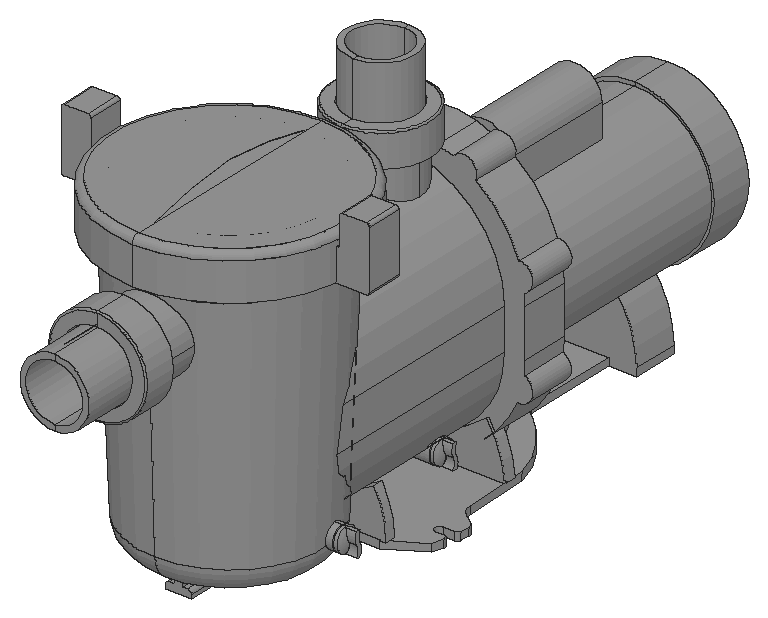
Revit family "SHP Pump (Single Speed)", category Mechanical Equipment, Revit 2019
Family settings
  Round Connector Dimension = Use Radius
  Classification = Pump
  Part Type = Normal
  OmniClass Number = 23.60.30.21
  OmniClass Title = Pumps
  Work Plane-Based = No
  Always vertical = Yes
  Cut with Voids When Loaded = No
  Shared = No
  Room Calculation Point = No
Parameters (values of type "SHPF.50")
  Union Radius [instance] = Union Diameter / 2  # 1"
  Union Diameter = 2"  # constant formula
  URL = "https://www.jandy.com/en/commercial/pumps/stealth"
  Single Phase Capacitor = yes
  Pump Width (Lid Tabs) = 12 15/16"  # constant formula
  Pump Length = 29"
  Pump Height = 15 1/4"  # constant formula
  Model = Fluidra_Model  # "SHPF.50"
  Manufacturer = Fluidra_Manufacturer  # "Fluidra"
  Lid = Fluidra Lid
  Inlet Height (Center) = 10 3/8"  # constant formula
  Front to Outlet (Center) = 14"  # constant formula
  Front to Anchor Points (Center) = 11 5/8"  # constant formula
  Fluidra_Weight = 30.00 lbf
  Fluidra_WEF = "3.6"
  Fluidra_Voltage (Low) = 115 V
  Fluidra_Voltage (High) = 230 V
  Fluidra_Voltage = 208 V
  Fluidra_Union_Size = "2\" - 2.5\""
  Fluidra_THP = 708.41 W
  Fluidra_Recommended_Pipe_Size = "2\" - 2.5\""
  Fluidra_Phase = 1
  Fluidra_Model = "SHPF.50"
  Fluidra_Manufacturer = "Fluidra"  # constant formula
  Fluidra_Frequency = 60 Hz  # constant formula
  Fluidra_Flow [instance] = 0 GPM
  Fluidra_Description = "Jandy Commercial Stealth Pump DOE Compliant"  # constant formula
  Fluidra_Cos ϕ = 1  # 100.00%
  Fluidra_Apparent_Load = 0 VA
  Fluidra_Amps_(460V) = 0 A
  Fluidra_Amps_(230V) = 4.4 A
  Fluidra_Amps_(208V) = 4.5 A
  Fluidra_Amps_(115V) = 8.8 A
  Description = Fluidra_Description  # "Jandy Commercial Stealth Pump DOE Compliant"
  Black = Fluidra Base
  Assembly Code = "D2090400"
  Anchor Points (Center to Center) = 9"  # constant formula
  5HP 3PH Components = no
Types (9): name | URL | Single Phase Capacitor | Pump Length | Model | Fluidra_Weight | Fluidra_WEF | Fluidra_Voltage (Low) | Fluidra_Voltage (High) | Fluidra_Union_Size | Fluidra_THP | Fluidra_Recommended_Pipe_Size | Fluidra_Phase | Fluidra_Model | Fluidra_Amps_(460V) | Fluidra_Amps_(230V) | Fluidra_Amps_(208V) | Fluidra_Amps_(115V) | 5HP 3PH Components
  (no name) | "https://www.jandy.com/en/commercial/pumps/stealth" | yes | 29" | "SHPF.50" | 30.00 lbf | "3.6" | 115 V | 230 V | "2\" - 2.5\"" | 708.41 W | "2\" - 2.5\"" | 1 | "SHPF.50" | 0 A | 4.4 A | 4.5 A | 8.8 A | no
  SHPF.50 | "https://www.jandy.com/en/commercial/pumps/stealth" | yes | 29" | "SHPF.50" | 30.00 lbf | "3.6" | 115 V | 230 V | "2\" - 2.5\"" | 708.41 W | "2\" - 2.5\"" | 1 | "SHPF.50" | 0 A | 4.4 A | 4.5 A | 8.8 A | no
  SHPM.75 | "https://www.jandy.com/en/commercial/pumps/epump-dv2a" | yes | 29" | "SHPM.75" | 30.00 lbf | "3.6" | 115 V | 230 V | "2\" - 2.5\"" | 708.41 W | "2\" - 2.5\"" | 1 | "SHPM.75" | 0 A | 4.4 A | 4.5 A | 8.8 A | no
  SHPF5.0 | "https://www.jandy.com/en/commercial/pumps/epump-dv2a" | yes | 31 1/2" | "SHPF5.0" | 68.00 lbf | "" | 0 V | 230 V | "2.5\" - 3\"" | 3728.5 W | "4\"" | 1 | "SHPF5.0" | 0 A | 19.4 A | 21 A | 0 A | no
  SHPF1.0-3PH | "https://www.jandy.com/en/commercial/pumps/epump-dv2a" | no | 29 3/4" | "SHPF1.0-3PH" | 55.00 lbf | "2.7" | 230 V | 460 V | "2\" - 2.5\"" | 1230.4 W | "2\" - 2.5\"" | 3 | "SHPF1.0-3PH" | 2.3 A | 4.6 A | 5 A | 0 A | no
  SHPF1.5-3PH | "https://www.jandy.com/en/commercial/pumps/epump-dv2a" | no | 30" | "SHPF1.5-3PH" | 57.00 lbf | "2.6" | 230 V | 460 V | "2\" - 2.5\"" | 1648 W | "2\" - 2.5\"" | 3 | "SHPF1.5-3PH" | 2.9 A | 5.8 A | 6.4 A | 0 A | no
  SHPF2.0-3PH | "https://www.jandy.com/en/commercial/pumps/epump-dv2a" | no | 30 1/2" | "SHPF2.0-3PH" | 64.00 lbf | "2.5" | 230 V | 460 V | "2\" - 2.5\"" | 1938.8 W | "2\" - 2.5\"" | 3 | "SHPF2.0-3PH" | 3.4 A | 6.8 A | 7.1 A | 0 A | no
  SHPF3.0-3PH | "https://www.jandy.com/en/commercial/pumps/epump-dv2a" | no | 31 1/2" | "SHPF3.0-3PH" | 62.00 lbf | "2.1" | 230 V | 460 V | "2\" - 2.5\"" | 2572.7 W | "2.5\" - 3\"" | 3 | "SHPF3.0-3PH" | 4.3 A | 8.6 A | 9 A | 0 A | no
  SHPF5.0-3PH | "https://www.jandy.com/en/commercial/pumps/epump-dv2a" | no | 35" | "SHPF5.0-3PH" | 95.00 lbf | "1.8" | 230 V | 460 V | "2.5\" - 3\"" | 4287.8 W | "4\"" | 3 | "SHPF5.0-3PH" | 7.5 A | 15 A | 15.5 A | 0 A | yes
Reference planes (in)
  plane 1 "Center (Front/Back)": y = 0
  plane 2: z = 0
  plane 3 "Center (Left/Right)": x = 0
  plane 4 "Inlet Front": y = -16.4375
  plane 5 "Anchor Point Right (Center)": x = 4.5
  plane 6 "Anchor Point Left (Center)": x = -4.5
  plane 7 "Back of Motor": y = 12.5625
  plane 8 "Left Locking Ring Tab": x = -6.46875
  plane 9 "Right Locking Ring Tab": x = 6.46875
  plane 10 "Inlet (Center)": z = 10.375
  plane 11 "Outlet (Center)": y = -2.4375
  plane 12: z = 15.25
  plane 13 "Anchor Points (Center)": y = -4.8125
  plane 14: y = -10.3125
  plane 15: x = -3.0335
  plane 16: z = 5.35051
Forms (in)
  Revolve 1, solid, material "Fluidra Base" <- "Black", detail levels medium+fine
    sketch origin (0, 0, 0) x (0, 1, 0) y (0, 0, 1)
      loop
        line (-10.3125, 12.55496) -> (-14.82007, 12.55496) -> (-14.82007, 12.30666) -> (-14.62477, 12.10239) -> (-14.23681, 1.91346)
        arc (-14.23681, 1.91346) -> (-13.85282, 1.07786) -> (-12.99044, 0.75852) r 1.20152
        line (-12.99044, 0.75852) -> (-10.3125, 0.75852) -> (-10.3125, 12.55496)
      axis (-10.3125, 12.55496) -> (-10.3125, 0.75852)
    angle from 0 to 360
  Revolve 2, solid, material "Fluidra Base" <- "Black", detail levels medium+fine
    sketch origin (0, 0, -1.1875) x (0, 1, 0) y (0, 0, 1)
      loop
        line (-10.3125, 15.62378) -> (-15.09664, 15.62378)
        arc (-15.09664, 15.62378) -> (-15.31083, 15.53506) -> (-15.39955, 15.32087) r 0.30291
        line (-15.39955, 15.32087) -> (-15.39955, 13.75) -> (-10.3125, 13.75) -> (-10.3125, 15.62378)
      axis (-10.3125, 15.62378) -> (-10.3125, 13.75)
    angle from 0 to 360
  Revolve 3, solid, material "Fluidra Lid" <- "Lid", detail levels fine
    sketch origin (0, 0, -1.1875) x (0, 1, 0) y (0, 0, 1)
      loop
        line (-10.3125, 15.60962) -> (-10.3125, 16.25)
        arc (-10.3125, 16.25) -> (-12.33056, 16.0426) -> (-14.3125, 15.60962) r 18.01556
        line (-14.3125, 15.60962) -> (-10.3125, 15.60962)
      axis (-10.3125, 16.25) -> (-10.3125, 15.60962)
    angle from 0 to 360
  Extrusion 4, solid, material "Fluidra Base" <- "Black", detail levels medium+fine
    sketch origin (0, -12.97864, 0) x (0, 0, 1) y (-1, 0, 0)
      loop
        line (0.75852, 0.15878) -> (0.30514, 0.15878) -> (0.30514, 0.37996)
        arc (0.30514, 0.37996) -> (0.2533, 0.50511) -> (0.12815, 0.55695) r 0.17699
        line (0.12815, 0.55695) -> (0, 0.55695) -> (0, -0.53919) -> (0.12936, -0.53919)
        arc (0.12936, -0.53919) -> (0.25366, -0.4877) -> (0.30514, -0.36341) r 0.17578
        line (0.30514, -0.36341) -> (0.30514, -0.15039) -> (0.75852, -0.15039) -> (0.75852, 0.15878)
    from 0 to -5.44852
  Extrusion 5, solid, material "Fluidra Base" <- "Black", detail levels fine
    sketch origin (0, -10.3125, 92.27586) x (0, 0, 1) y (-1, 0, 0)
      loop
        line (-87.12616, -3.99788) -> (-85.40476, -3.99788)
        arc (-85.40476, -3.99788) -> (-82.83644, -3.19298) -> (-81.1869, -1.0662) r 4.5
        arc (-81.1869, -1.0662) -> (-80.99509, 0) -> (-81.1869, 1.0662) r 3.05927
        arc (-81.1869, 1.0662) -> (-82.83644, 3.19298) -> (-85.40476, 3.99788) r 4.5
        line (-85.40476, 3.99788) -> (-87.12616, 3.99788)
        arc (-87.12616, 3.99788) -> (-89.89638, 2.92087) -> (-91.21163, 0.25549) r 4.10119
        arc (-91.21163, 0.25549) -> (-91.22282, 0) -> (-91.21163, -0.25549) r 2.92035
        arc (-91.21163, -0.25549) -> (-89.89638, -2.92087) -> (-87.12616, -3.99788) r 4.10119
    from 0 to -9.3125
  Extrusion 6, solid, material "Fluidra Base" <- "Black", detail levels fine
    sketch origin (0, -1, 92.27586) x (0, 0, 1) y (-1, 0, 0)
      loop
        line (-87.10315, -4.88532) -> (-85.10315, -4.88532)
        arc (-85.10315, -4.88532) -> (-84.83771, -4.87827) -> (-84.57301, -4.85714) r 5
        arc (-84.57301, -4.85714) -> (-83.91262, -5.20464) -> (-83.46335, -4.60878) r 0.57607
        arc (-83.46335, -4.60878) -> (-82.13003, -3.90535) -> (-81.06698, -2.83648) r 5
        arc (-81.06698, -2.83648) -> (-80.367, -2.58094) -> (-80.50473, -1.84862) r 0.57607
        arc (-80.50473, -1.84862) -> (-80.38961, -1.55343) -> (-80.29342, -1.25153) r 5
        arc (-80.29342, -1.25153) -> (-80.11912, 0) -> (-80.29342, 1.25153) r 4.58031
        arc (-80.29342, 1.25153) -> (-80.38961, 1.55343) -> (-80.50473, 1.84862) r 5
        arc (-80.50473, 1.84862) -> (-80.367, 2.58094) -> (-81.06698, 2.83648) r 0.57607
        arc (-81.06698, 2.83648) -> (-82.13003, 3.90535) -> (-83.46335, 4.60878) r 5
        arc (-83.46335, 4.60878) -> (-83.91262, 5.20464) -> (-84.57301, 4.85714) r 0.57607
        arc (-84.57301, 4.85714) -> (-84.83771, 4.87827) -> (-85.10315, 4.88532) r 5
        line (-85.10315, 4.88532) -> (-87.10315, 4.88532)
        arc (-87.10315, 4.88532) -> (-87.38824, 4.87628) -> (-87.67218, 4.8492) r 4.5
        arc (-87.67218, 4.8492) -> (-88.34776, 5.18328) -> (-88.77575, 4.56293) r 0.57607
        arc (-88.77575, 4.56293) -> (-90.0861, 3.75459) -> (-91.04727, 2.55186) r 4.5
        arc (-91.04727, 2.55186) -> (-91.71022, 2.20121) -> (-91.46481, 1.49253) r 0.57607
        arc (-91.46481, 1.49253) -> (-91.56843, 0.94323) -> (-91.60315, 0.38532) r 4.5
        line (-91.60315, 0.38532) -> (-91.60315, -0.38532)
        arc (-91.60315, -0.38532) -> (-91.56843, -0.94323) -> (-91.46481, -1.49253) r 4.5
        arc (-91.46481, -1.49253) -> (-91.71022, -2.20121) -> (-91.04727, -2.55186) r 0.57607
        arc (-91.04727, -2.55186) -> (-90.0861, -3.75459) -> (-88.77575, -4.56293) r 4.5
        arc (-88.77575, -4.56293) -> (-88.34776, -5.18328) -> (-87.67218, -4.8492) r 0.57607
        arc (-87.67218, -4.8492) -> (-87.38824, -4.87628) -> (-87.10315, -4.88532) r 4.5
    from 0 to -2
  Extrusion 7, solid, material "Fluidra Base" <- "Black", detail levels fine
    sketch origin (0, 0, 0) x (1, 0, 0) y (0, 1, 0)
      loop
        line (2.64747, 9.53903) -> (-2.64747, 9.53903) -> (-2.64747, 7.60153) -> (-1.5, 7.60153) -> (-1.5, 3.53903)
        arc (-1.5, 3.53903) -> (-1.69785, 3.19172) -> (-2.00036, 2.93046) r 1.17914
        arc (-2.00036, 2.93046) -> (-3.28387, 1.58018) -> (-4.04084, -0.12206) r 5.47991
        arc (-4.04084, -0.12206) -> (-4.14668, -1.54491) -> (-4.14761, -2.97169) r 19.39227
        arc (-4.14761, -2.97169) -> (-4.25686, -3.31413) -> (-4.5, -3.57886) r 0.83462
        line (-4.5, -3.57886) -> (-4.89201, -3.85335)
        arc (-4.89201, -3.85335) -> (-4.97519, -3.95249) -> (-4.99767, -4.07993) r 0.25
        line (-4.99767, -4.07993) -> (-4.9653, -4.44988)
        arc (-4.9653, -4.44988) -> (-4.91451, -4.55286) -> (-4.80749, -4.59448) r 0.15841
        line (-4.80749, -4.59448) -> (-4.3071, -4.59448)
        arc (-4.3071, -4.59448) -> (-4.15574, -4.79761) -> (-4.3071, -5.00073) r 0.21198
        line (-4.3071, -5.00073) -> (-4.69328, -5.00073)
        arc (-4.69328, -5.00073) -> (-4.81528, -5.0609) -> (-4.84182, -5.19432) r 0.15379
        line (-4.84182, -5.19432) -> (-4.71341, -5.67356) -> (-3.23306, -6.54801) -> (3.23306, -6.54801) -> (4.71341, -5.67356) -> (4.84182, -5.19432)
        arc (4.84182, -5.19432) -> (4.81528, -5.0609) -> (4.69328, -5.00073) r 0.15379
        line (4.69328, -5.00073) -> (4.3071, -5.00073)
        arc (4.3071, -5.00073) -> (4.15574, -4.79761) -> (4.3071, -4.59448) r 0.21198
        line (4.3071, -4.59448) -> (4.80749, -4.59448)
        arc (4.80749, -4.59448) -> (4.91451, -4.55286) -> (4.9653, -4.44988) r 0.15841
        line (4.9653, -4.44988) -> (4.99767, -4.07993)
        arc (4.99767, -4.07993) -> (4.97519, -3.95249) -> (4.89201, -3.85335) r 0.25
        line (4.89201, -3.85335) -> (4.5, -3.57886)
        arc (4.5, -3.57886) -> (4.25686, -3.31413) -> (4.14761, -2.97169) r 0.83462
        arc (4.14761, -2.97169) -> (4.14668, -1.54491) -> (4.04084, -0.12206) r 19.39227
        arc (4.04084, -0.12206) -> (3.28387, 1.58018) -> (2.00036, 2.93046) r 5.47991
        arc (2.00036, 2.93046) -> (1.69785, 3.19172) -> (1.5, 3.53903) r 1.17914
        line (1.5, 3.53903) -> (1.5, 7.60153) -> (2.64747, 7.60153) -> (2.64747, 9.53903)
    from 0 to 0.32813
  Extrusion 8, solid, material "Fluidra Base" <- "Black", detail levels fine
    sketch origin (-1.0964, -6.46097, 48) x (-1, 0, 0) y (0, 0, 1)
      loop
        line (-4.61324, -47.67188) -> (2.42043, -47.67188)
        arc (2.42043, -47.67188) -> (2.27165, -46.67657) -> (1.90463, -45.73952) r 4.48379
        arc (1.90463, -45.73952) -> (-1.0964, -46.67527) -> (-4.09744, -45.73952) r 5.28016
        arc (-4.09744, -45.73952) -> (-4.46446, -46.67657) -> (-4.61324, -47.67188) r 4.48379
    from -0.08703 to 0.32813
  Extrusion 9, solid, material "Fluidra Base" <- "Black", detail levels fine
    sketch origin (-1.0964, -0.88669, 47.99841) x (-1, 0, 0) y (0, 0, 1)
      loop
        line (-5.17343, -47.67188) -> (2.98182, -47.67188)
        arc (2.98182, -47.67188) -> (2.75028, -46.53333) -> (2.23398, -45.49251) r 4.48379
        arc (2.23398, -45.49251) -> (-1.11118, -46.67525) -> (-4.44967, -45.4738) r 5.28016
        arc (-4.44967, -45.4738) -> (-4.9558, -46.52534) -> (-5.17343, -47.67188) r 4.48379
    from -0.19314 to 0.32813
  Revolve 10, solid, material "Fluidra Base" <- "Black", detail levels fine
    sketch origin (0, 0, 0) x (0, 1, 0) y (0, 0, 1)
      loop
        line (1.30859, 8.56323) -> (1.30859, 5.35051) -> (12.5625, 5.35051) -> (12.5625, 8.70699) -> (10.8125, 8.70699) -> (10.8125, 8.56323) -> (1.30859, 8.56323)
      axis (12.5625, 5.35051) -> (1.30859, 5.35051)
    angle from 0 to 360
  Extrusion 11, solid, material "Fluidra Base" <- "Black", detail levels fine
    sketch origin (0, 1, 92.27586) x (0, 0, 1) y (-1, 0, 0)
      loop
        arc (-83.79794, -2.8325) -> (-83.51268, -0.01585) -> (-83.79794, 2.8008) r 14.04833
        arc (-83.79794, 2.8008) -> (-83.91939, 3.02651) -> (-84.1451, 3.14796) r 0.44554
        arc (-84.1451, 3.14796) -> (-86.96175, 3.43322) -> (-89.7784, 3.14796) r 14.04833
        arc (-89.7784, 3.14796) -> (-90.00411, 3.02651) -> (-90.12556, 2.8008) r 0.44554
        arc (-90.12556, 2.8008) -> (-90.41082, -0.01585) -> (-90.12556, -2.8325) r 14.04833
        arc (-90.12556, -2.8325) -> (-90.00411, -3.05821) -> (-89.7784, -3.17966) r 0.44554
        arc (-89.7784, -3.17966) -> (-86.96175, -3.46492) -> (-84.1451, -3.17966) r 14.04833
        arc (-84.1451, -3.17966) -> (-83.91939, -3.05821) -> (-83.79794, -2.8325) r 0.44554
    from 0 to -0.30859
  Extrusion 12, solid, material "Fluidra Base" <- "Black", detail levels medium+fine
    sketch origin (0, -10.3125, 91.08836) x (0, 0, 1) y (-1, 0, 0)
      loop
        line (-78.52586, 4.60878) -> (-77.15698, 4.60878) -> (-77.15698, 5.19399) -> (-75.96326, 5.19399)
        arc (-75.96326, 5.19399) -> (-75.87487, 5.2306) -> (-75.83826, 5.31899) r 0.125
        line (-75.83826, 5.31899) -> (-75.83826, 6.31142)
        arc (-75.83826, 6.31142) -> (-75.87487, 6.39981) -> (-75.96326, 6.43642) r 0.125
        line (-75.96326, 6.43642) -> (-78.40086, 6.43642)
        arc (-78.40086, 6.43642) -> (-78.48925, 6.39981) -> (-78.52586, 6.31142) r 0.125
        line (-78.52586, 6.31142) -> (-78.52586, 4.60878)
    from -0.75 to 0.75
  Extrusion 13, solid, material "Fluidra Base" <- "Black", detail levels medium+fine
    sketch origin (0, -10.3125, 91.08836) x (0, 0, 1) y (-1, 0, 0)
      loop
        line (-78.52586, -4.60878) -> (-78.52586, -6.31142)
        arc (-78.52586, -6.31142) -> (-78.48925, -6.39981) -> (-78.40086, -6.43642) r 0.125
        line (-78.40086, -6.43642) -> (-75.96326, -6.43642)
        arc (-75.96326, -6.43642) -> (-75.87487, -6.39981) -> (-75.83826, -6.31142) r 0.125
        line (-75.83826, -6.31142) -> (-75.83826, -5.31899)
        arc (-75.83826, -5.31899) -> (-75.87487, -5.2306) -> (-75.96326, -5.19399) r 0.125
        line (-75.96326, -5.19399) -> (-77.15698, -5.19399) -> (-77.15698, -4.60878) -> (-78.52586, -4.60878)
    from -0.75 to 0.75
  Extrusion 14, solid, material "Fluidra Base" <- "Black"
    sketch origin (0, 82.57514, 11.37109) x (0, 1, 0) y (-1, 0, 0)
      loop
        circle (-85.01264, 0) r 1
      loop
        circle (-85.01264, 0) r 1.625
    from -0.63967 to 1.625
  Extrusion 15, solid, material "Fluidra Base" <- "Black"
    sketch origin (0, -16.4375, 92.27586) x (0, 0, 1) y (-1, 0, 0)
      loop
        circle (-81.90086, 0) r 1
      loop
        circle (-81.90086, 0) r 1.625
    from 0 to -2.98246
  Extrusion 16, solid, material "Fluidra Base" <- "Black", visible <- "Single Phase Capacitor", detail levels fine
    sketch origin (0, 5.40937, 10.81274) x (0, 0, 1) y (1, 0, 0)
      loop
        line (-2.69556, 1.12955) -> (-2.69556, -1.10441) -> (-1.11402, -1.10441)
        arc (-1.11402, -1.10441) -> (0.00296, 0.01257) -> (-1.11402, 1.12955) r 1.11698
        line (-1.11402, 1.12955) -> (-2.69556, 1.12955)
    from -2.5 to 2.27813
  Extrusion 17, solid, material "Fluidra Base" <- "Black", visible <- "5HP 3PH Components"
    sketch origin (0, 6.96627, 10.77533) x (0, 0, 1) y (1, 0, 0)
      loop
        line (-3.34571, -2.43761) -> (-1.47991, -2.43761)
        arc (-1.47991, -2.43761) -> (-1.3739, -2.40792) -> (-1.29872, -2.32748) r 0.20411
        arc (-1.29872, -2.32748) -> (-0.73508, -0.01633) -> (-1.29901, 2.29475) r 5.01879
        arc (-1.29901, 2.29475) -> (-1.37382, 2.37478) -> (-1.47931, 2.40432) r 0.20312
        line (-1.47931, 2.40432) -> (-3.34571, 2.40432) -> (-3.34571, -2.43761)
    from 0 to 7.09623
  Revolve 18, solid, material "Fluidra Base" <- "Black", visible <- "5HP 3PH Components"
    sketch origin (0, 0, 0) x (0, 1, 0) y (0, 0, 1)
      loop
        line (4.49737, 8.47116) -> (4.83087, 8.47116) -> (4.83087, 8.90888)
        arc (4.83087, 8.90888) -> (4.70329, 9.15459) -> (4.49737, 9.33966) r 0.77375
        line (4.49737, 9.33966) -> (4.49737, 8.47116)
      axis (4.49737, 9.33966) -> (4.49737, 8.47116)
    angle from 0 to 360
  Sweep 19, solid, material "Fluidra Base" <- "Black", visible <- "5HP 3PH Components"
    path origin (0, 0, 0) x (0, 1, 0) y (0, 0, 1)
      loop
        circle (4.49737, 9.98374) r 0.61591
    profile origin (0, 4.49737, 10.59965) x (0, 0, -1) y (1, 0, 0)
      loop
        circle (0, 0) r 0.125
  Extrusion 20, solid, material "Fluidra Base" <- "Black", detail levels fine
    sketch origin (0, 7.60153, 3.16655) x (0, 0, 1) y (-1, 0, 0)
      loop
        line (-2.83842, 2.64747) -> (-2.83842, -2.64747)
        arc (-2.83842, -2.64747) -> (-1.41844, -2.40175) -> (-0.14632, -1.72469) r 4.5544
        line (-0.14632, -1.72469) -> (-0.14632, 1.72469)
        arc (-0.14632, 1.72469) -> (-1.41844, 2.40175) -> (-2.83842, 2.64747) r 4.5544
    from 0 to -1.9375
  Extrusion 21, solid, material "Fluidra Base" <- "Black", visible <- "5HP 3PH Components"
    sketch origin (2.40432, 0, 8.875) x (1, 0, 0) y (0, 1, 0)
      loop
        arc (-4.74262, 8.24313) -> (-4.95475, 8.15526) -> (-5.04262, 7.94313) r 0.3
        line (-5.04262, 7.94313) -> (-5.04262, 7.04391)
        arc (-5.04262, 7.04391) -> (-4.95452, 6.83123) -> (-4.74183, 6.74313) r 0.30078
        line (-4.74183, 6.74313) -> (-0.0934, 6.74313)
        arc (-0.0934, 6.74313) -> (0.11929, 6.83123) -> (0.20738, 7.04391) r 0.30078
        line (0.20738, 7.04391) -> (0.20738, 7.94235)
        arc (0.20738, 7.94235) -> (0.11929, 8.15503) -> (-0.0934, 8.24313) r 0.30078
        line (-0.0934, 8.24313) -> (-4.74262, 8.24313)
    from -0.10156 to 0.10156
  Extrusion 22, solid, material "Fluidra Base" <- "Black", detail levels fine
    sketch origin (3.63637, -180.5, 3.54369) x (0, 0, 1) y (0, -1, 0)
      loop
        circle (-1.38455, -170.7538) r 0.5
    from 0 to 0.61363
  Revolve 23, solid, material "Fluidra Base" <- "Black", detail levels medium+fine
    sketch origin (0, -9.7462, 2.65914) x (0, 0, 1) y (1, 0, 0)
      loop
        line (-0.5, 4.25158) -> (-0.5, 4.54786)
        arc (-0.5, 4.54786) -> (-0.75661, 4.51854) -> (-1, 4.4321) r 1.13771
        line (-1, 4.4321) -> (-1, 4.25158) -> (-0.5, 4.25158)
      axis (-0.5, 4.25158) -> (-0.5, 4.54786)
    angle from 0 to 360
  Extrusion 24, solid, material "Fluidra Base" <- "Black", detail levels medium+fine
    sketch origin (4.33426, -180.5, 2.71553) x (0, 0, 1) y (0, -1, 0)
      loop
        arc (-0.06429, -170.67057) -> (-0.33053, -170.61743) -> (-0.59135, -170.69279) r 0.57308
        arc (-0.59135, -170.69279) -> (-0.82328, -170.74972) -> (-1.05005, -170.67487) r 0.43246
        arc (-1.05005, -170.67487) -> (-1.05548, -170.75592) -> (-1.04879, -170.83688) r 0.54436
        arc (-1.04879, -170.83688) -> (-0.78242, -170.89017) -> (-0.52143, -170.8148) r 0.57308
        arc (-0.52143, -170.8148) -> (-0.28953, -170.75788) -> (-0.06277, -170.8327) r 0.43246
        arc (-0.06277, -170.8327) -> (-0.05649, -170.75157) -> (-0.06429, -170.67057) r 0.47018
    from 0.09784 to 0.5744
  Extrusion 25, solid, material "Fluidra Base" <- "Black", detail levels fine
    sketch origin (2.66812, -174.25406, 3.74628) x (0, 0, 1) y (0, -1, 0)
      loop
        circle (-1.38455, -170.7538) r 0.5
    from -0.66776 to 0.61363
  Revolve 26, solid, material "Fluidra Base" <- "Black", detail levels fine
    sketch origin (-0.96825, -3.50026, 2.86173) x (0, 0, 1) y (1, 0, 0)
      loop
        line (-0.5, 4.25158) -> (-0.5, 4.54786)
        arc (-0.5, 4.54786) -> (-0.75661, 4.51854) -> (-1, 4.4321) r 1.13771
        line (-1, 4.4321) -> (-1, 4.25158) -> (-0.5, 4.25158)
      axis (-0.5, 4.25158) -> (-0.5, 4.54786)
    angle from 0 to 360
  Extrusion 27, solid, material "Fluidra Base" <- "Black", detail levels fine
    sketch origin (3.36601, -174.25406, 2.91812) x (0, 0, 1) y (0, -1, 0)
      loop
        arc (-0.06429, -170.67057) -> (-0.33053, -170.61743) -> (-0.59135, -170.69279) r 0.57308
        arc (-0.59135, -170.69279) -> (-0.82328, -170.74972) -> (-1.05005, -170.67487) r 0.43246
        arc (-1.05005, -170.67487) -> (-1.05548, -170.75592) -> (-1.04879, -170.83688) r 0.54436
        arc (-1.04879, -170.83688) -> (-0.78242, -170.89017) -> (-0.52143, -170.8148) r 0.57308
        arc (-0.52143, -170.8148) -> (-0.28953, -170.75788) -> (-0.06277, -170.8327) r 0.43246
        arc (-0.06277, -170.8327) -> (-0.05649, -170.75157) -> (-0.06429, -170.67057) r 0.47018
    from 0.09784 to 0.5744
  Revolve 28, solid, material "Fluidra Base" <- "Black", detail levels coarse
    sketch origin (0, 0, 0) x (0, 1, 0) y (0, 0, 1)
      loop
        line (-10.3125, 15.25) -> (-15.40115, 15.25) -> (-15.40115, 0) -> (-10.3125, 0) -> (-10.3125, 15.25)
      axis (-10.3125, 0) -> (-10.3125, 15.25)
    angle from 0 to 360
  Extrusion 29, solid, material "Fluidra Base" <- "Black", detail levels coarse+medium
    sketch origin (0, 0, 0) x (0, 1, 0) y (0, 0, 1)
      loop
        line (-7.53012, 12.16421) -> (-7.53012, 0) -> (12.5625, 0) -> (12.5625, 12.16421) -> (-7.53012, 12.16421)
    from -5.19399 to 5.19399
  Extrusion 30, solid, material "Fluidra Base" <- "Black"
    sketch origin (-3.0335, 0, 5.95548) x (0, 0, 1) y (0, 1, 0)
      loop
        circle (-0.60498, 11.66377) r 0.5
    from 0 to 0.36492
Cuts and joins
  joined: Extrusion 7, Extrusion 20
Dimensions and locks (in)
  "Pump Length": plane 7 "Back of Motor" to plane 4 "Inlet Front"
  "Pump Width (Lid Tabs)": plane 9 "Right Locking Ring Tab" to plane 8 "Left Locking Ring Tab"
  "Anchor Points (Center to Center)": plane 5 "Anchor Point Right (Center)" to plane 6 "Anchor Point Left (Center)"
  "Inlet Height (Center)": plane 10 "Inlet (Center)" to level
  "Front to Outlet (Center)": plane 11 "Outlet (Center)" to plane 4 "Inlet Front"
  locked: Revolve 10 sketch curve to Revolve 10 sketch curve at 1.75
  "Pump Height": plane 12 to level
  "Front to Anchor Points (Center)": plane 13 "Anchor Points (Center)" to plane 4 "Inlet Front"
  locked: Extrusion 16 to plane 7 "Back of Motor" at 9.65313
  locked: Extrusion 16 to plane 7 "Back of Motor" at 4.875
  locked: Revolve 10 to Extrusion 30 sketch curve at 0.89873
  radius of Extrusion 14 sketch curve = 1"
  aligned and locked: plane 2 to level
  aligned and locked: Extrusion 29 to plane 7 "Back of Motor"
Automatic sketch dimensions
  level to Revolve 1 sketch curve = 0.75852"
  Revolve 1 sketch curve to Revolve 1 sketch curve = 2.67794"
  Revolve 1 sketch curve to Revolve 1 sketch curve = 0.04572"
  Revolve 1 sketch curve to Revolve 1 sketch curve = 1.20065"
  Revolve 1 sketch curve to plane 4 "Inlet Front" = 1.81273"
  Revolve 1 sketch curve to Revolve 1 sketch curve = 25/128"
  Revolve 1 sketch curve to Revolve 1 sketch curve = 1.15494"
  Revolve 1 sketch curve to level = 24"
  Revolve 2 sketch curve to plane 4 "Inlet Front" = 1.34086"
  Revolve 2 sketch curve to plane 4 "Inlet Front" = 1.03795"
  Revolve 2 sketch curve to level = 25 3/16"
  Revolve 3 sketch curve to plane 4 "Inlet Front" = 2 1/8"
  Revolve 3 sketch curve to level = 2.93394"
  Revolve 3 sketch curve to Revolve 3 sketch curve = 22.25356"
  Extrusion 4 sketch curve to level = 0"
  level to Extrusion 4 sketch curve = 0.12815"
  level to Extrusion 4 sketch curve = 0.12936"
  Extrusion 4 sketch curve to Extrusion 4 sketch curve = 0.17699"
  Extrusion 4 sketch curve to Extrusion 4 sketch curve = 45/256"
  plane 3 "Center (Left/Right)" to Extrusion 4 sketch curve = 0.15039"
  Extrusion 4 sketch curve to Extrusion 4 sketch curve = 0.45338"
  Extrusion 4 sketch curve to Extrusion 4 sketch curve = 0.21302"
  Extrusion 4 sketch curve to plane 3 "Center (Left/Right)" = 0.15878"
  Extrusion 4 sketch curve to Extrusion 4 sketch curve = 0.22118"
  Extrusion 5 sketch curve to plane 3 "Center (Left/Right)" = 0"  (x2)
  level to Extrusion 5 sketch curve = 3.97338"
  Extrusion 5 sketch curve to plane 3 "Center (Left/Right)" = 0.10331"
  Extrusion 5 sketch curve to Extrusion 5 sketch curve = 1.17632"
  plane 6 "Anchor Point Left (Center)" to Extrusion 5 sketch curve = 0.50212"
  Extrusion 5 sketch curve to Extrusion 5 sketch curve = 0"  (x4)
  Extrusion 5 sketch curve to Extrusion 5 sketch curve = 1.7214"
  Extrusion 5 sketch curve to plane 3 "Center (Left/Right)" = 0.50212"
  Extrusion 5 sketch curve to Extrusion 5 sketch curve = 1.3504"
  plane 3 "Center (Left/Right)" to Extrusion 5 sketch curve = 0.10331"
  plane 3 "Center (Left/Right)" to Extrusion 5 sketch curve = 0.50212"
  Extrusion 5 sketch curve to plane 5 "Anchor Point Right (Center)" = 0.50212"
  Extrusion 6 sketch curve to Extrusion 6 sketch curve = 0"  (x18)
  Extrusion 6 sketch curve to plane 3 "Center (Left/Right)" = 0"
  level to Extrusion 6 sketch curve = 0.67271"
  level to Extrusion 6 sketch curve = 1 13/128"  (x2)
  plane 5 "Anchor Point Right (Center)" to Extrusion 6 sketch curve = 0.12567"
  Extrusion 6 sketch curve to Extrusion 6 sketch curve = 2.97117"  (x2)
  Extrusion 6 sketch curve to plane 6 "Anchor Point Left (Center)" = 0.12567"
  plane 3 "Center (Left/Right)" to Extrusion 6 sketch curve = 0.38532"
  Extrusion 6 sketch curve to Extrusion 6 sketch curve = 4.07113"
  Extrusion 6 sketch curve to plane 3 "Center (Left/Right)" = 0.38532"
  plane 5 "Anchor Point Right (Center)" to Extrusion 6 sketch curve = 0.38532"
  Extrusion 6 sketch curve to Extrusion 6 sketch curve = 2"  (x2)
  Extrusion 6 sketch curve to plane 6 "Anchor Point Left (Center)" = 0.38532"
  Extrusion 6 sketch curve to Extrusion 6 sketch curve = 0.40372"
  Extrusion 6 sketch curve to plane 6 "Anchor Point Left (Center)" = 0.14248"
  Extrusion 6 sketch curve to Extrusion 6 sketch curve = 1.06472"  (x2)
  plane 5 "Anchor Point Right (Center)" to Extrusion 6 sketch curve = 0.14248"
  plane 3 "Center (Left/Right)" to Extrusion 6 sketch curve = 2.29599"
  Extrusion 6 sketch curve to Extrusion 6 sketch curve = 1.60464"  (x2)
  plane 3 "Center (Left/Right)" to Extrusion 6 sketch curve = 0.11468"
  Extrusion 6 sketch curve to plane 3 "Center (Left/Right)" = 0.11468"
  Extrusion 6 sketch curve to plane 3 "Center (Left/Right)" = 2.29599"
  Extrusion 6 sketch curve to Extrusion 6 sketch curve = 0.29053"  (x2)
  Extrusion 6 sketch curve to Extrusion 6 sketch curve = 0.12701"  (x2)
  Extrusion 6 sketch curve to plane 6 "Anchor Point Left (Center)" = 0.06293"
  plane 5 "Anchor Point Right (Center)" to Extrusion 6 sketch curve = 0.06293"
  plane 5 "Anchor Point Right (Center)" to Extrusion 6 sketch curve = 0.35714"
  Extrusion 6 sketch curve to plane 6 "Anchor Point Left (Center)" = 0.35714"
  plane 5 "Anchor Point Right (Center)" to Extrusion 6 sketch curve = 0.10878"
  Extrusion 6 sketch curve to plane 6 "Anchor Point Left (Center)" = 0.10878"
  Extrusion 8 sketch curve to plane 3 "Center (Left/Right)" = 0"
  level to Extrusion 8 sketch curve = 0.16707"  (x2)
  plane 3 "Center (Left/Right)" to Extrusion 8 sketch curve = 0.96406"
  level to Extrusion 8 sketch curve = 21/64"
  Extrusion 8 sketch curve to plane 5 "Anchor Point Right (Center)" = 0.98316"
  Extrusion 8 sketch curve to plane 3 "Center (Left/Right)" = 0.96406"
  plane 6 "Anchor Point Left (Center)" to Extrusion 8 sketch curve = 0.98316"
  Extrusion 8 sketch curve to plane 10 "Inlet (Center)" = 3.77011"
  Extrusion 8 sketch curve to plane 5 "Anchor Point Right (Center)" = 1.49896"
  Extrusion 9 sketch curve to plane 3 "Center (Left/Right)" = 0"
  level to Extrusion 9 sketch curve = 0.00978"
  plane 3 "Center (Left/Right)" to Extrusion 9 sketch curve = 0.39437"
  Extrusion 9 sketch curve to plane 5 "Anchor Point Right (Center)" = 0.42298"
  level to Extrusion 9 sketch curve = 0.07077"
  Extrusion 9 sketch curve to plane 3 "Center (Left/Right)" = 0.39947"
  plane 6 "Anchor Point Left (Center)" to Extrusion 9 sketch curve = 0.42178"
  level to Extrusion 9 sketch curve = 0.32653"
  Extrusion 9 sketch curve to plane 10 "Inlet (Center)" = 3.7717"
  Extrusion 9 sketch curve to plane 5 "Anchor Point Right (Center)" = 1.14673"
  plane 3 "Center (Left/Right)" to Extrusion 11 sketch curve = 0.01585"  (x2)
  Extrusion 11 sketch curve to level = 5 73/256"
  level to Extrusion 11 sketch curve = 2.58679"  (x2)
  plane 6 "Anchor Point Left (Center)" to Extrusion 11 sketch curve = 1.78853"  (x2)
  Extrusion 11 sketch curve to plane 10 "Inlet (Center)" = 5.06089"  (x2)
  Extrusion 11 sketch curve to plane 10 "Inlet (Center)" = 2.33357"  (x2)
  Extrusion 11 sketch curve to plane 5 "Anchor Point Right (Center)" = 1.75683"  (x2)
  plane 9 "Right Locking Ring Tab" to Extrusion 11 sketch curve = 4.14636"
  Extrusion 11 sketch curve to plane 8 "Left Locking Ring Tab" = 4.11466"
  Extrusion 11 sketch curve to Extrusion 11 sketch curve = 0.43649"
  Extrusion 11 sketch curve to Extrusion 11 sketch curve = 0"  (x7)
  Extrusion 12 sketch curve to plane 6 "Anchor Point Left (Center)" = 0.10878"
  plane 8 "Left Locking Ring Tab" to Extrusion 12 sketch curve = 0.03233"
  Extrusion 12 sketch curve to Extrusion 12 sketch curve = 1/8"
  Extrusion 12 sketch curve to Extrusion 12 sketch curve = 0.58521"
  plane 5 "Anchor Point Right (Center)" to Extrusion 13 sketch curve = 0.10878"
  Extrusion 13 sketch curve to plane 9 "Right Locking Ring Tab" = 0.03233"
  Extrusion 13 sketch curve to Extrusion 13 sketch curve = 1/8"
  plane 5 "Anchor Point Right (Center)" to Extrusion 13 sketch curve = 0.81899"
  Extrusion 14 sketch curve to Extrusion 14 sketch curve = 0"  (x2)
  Extrusion 14 sketch curve to plane 3 "Center (Left/Right)" = 0"
  plane 11 "Outlet (Center)" to Extrusion 14 sketch curve = 0"
  Extrusion 15 sketch curve to Extrusion 15 sketch curve = 0"  (x2)
  Extrusion 15 sketch curve to plane 3 "Center (Left/Right)" = 0"
  Extrusion 15 sketch curve to plane 10 "Inlet (Center)" = 0"
  plane 10 "Inlet (Center)" to Extrusion 6 sketch curve = 1.0332"  (x2)
  Extrusion 6 sketch curve to Extrusion 6 sketch curve = 0.19932"  (x2)
  Extrusion 6 sketch curve to Extrusion 6 sketch curve = 0.36293"  (x2)
  Revolve 1 sketch curve to plane 4 "Inlet Front" = 2.20069"
  Revolve 2 sketch curve to Revolve 2 sketch curve = 4.78414"
  Revolve 3 sketch curve to Revolve 3 sketch curve = 4"
  Revolve 10 sketch curve to plane 1 "Center (Front/Back)" = 1 79/256"
  Revolve 10 sketch curve to plane 10 "Inlet (Center)" = 1.66801"
  Revolve 10 sketch curve to plane 10 "Inlet (Center)" = 1.81177"
  Revolve 10 sketch curve to Revolve 10 sketch curve = 3.35649"
  Revolve 10 sketch curve to Revolve 10 sketch curve = 0"  (x2)
  Revolve 10 sketch curve to Revolve 10 sketch curve = 3.26779"
  plane 7 "Back of Motor" to Revolve 10 sketch curve = 1 3/4"
  plane 12 to Revolve 1 sketch curve = 77.02586"
  plane 12 to Revolve 2 sketch curve = 75.83836"
  plane 12 to Revolve 3 sketch curve = 75.83836"
  plane 12 to Extrusion 11 sketch curve = 0.66336"
  Extrusion 12 sketch curve to plane 12 = 0.1249"  (x2)
  plane 12 to Extrusion 12 sketch curve = 0.0001"
  Extrusion 13 sketch curve to plane 12 = 0.1249"  (x2)
  plane 12 to Extrusion 13 sketch curve = 0.0001"
  Revolve 2 sketch curve to plane 12 = 1.11663"
  Revolve 3 sketch curve to plane 12 = 0.82788"
  plane 10 "Inlet (Center)" to Revolve 1 sketch curve = 1.72739"
  Revolve 1 sketch curve to Revolve 1 sketch curve = 0.20427"
  Revolve 1 sketch curve to Revolve 1 sketch curve = 0.2483"
  Revolve 2 sketch curve to Revolve 2 sketch curve = 1.87378"
  Extrusion 12 sketch curve to plane 12 = 1.31863"
  Extrusion 12 sketch curve to Extrusion 12 sketch curve = 1.24387"
  Extrusion 13 sketch curve to plane 12 = 1.31863"
  Extrusion 13 sketch curve to Extrusion 13 sketch curve = 1.24387"
  Revolve 1 sketch curve to plane 4 "Inlet Front" = 6 1/8"
  Revolve 2 sketch curve to plane 4 "Inlet Front" = 6 1/8"
  Revolve 3 sketch curve to plane 4 "Inlet Front" = 6.95488"
  Revolve 3 sketch curve to plane 4 "Inlet Front" = 6 1/8"
  Extrusion 16 sketch curve to plane 10 "Inlet (Center)" = 2 33/128"
  plane 3 "Center (Left/Right)" to Extrusion 16 sketch curve = 0.01257"
  Extrusion 16 sketch curve to plane 10 "Inlet (Center)" = 0.67628"
  Extrusion 16 sketch curve to plane 3 "Center (Left/Right)" = 1.10441"
  Revolve 18 sketch curve to Revolve 18 sketch curve = 0.3335"
  Revolve 18 sketch curve to plane 10 "Inlet (Center)" = 1.90384"
  Revolve 18 sketch curve to Revolve 18 sketch curve = 0.20976"
  Revolve 18 sketch curve to Revolve 18 sketch curve = 0.43772"
  Revolve 18 sketch curve to Revolve 18 sketch curve = 0"  (x3)
  Sweep 19 sketch curve to plane 10 "Inlet (Center)" = 0.39126"
  Sweep 19 sketch curve to plane 3 "Center (Left/Right)" = 0"
  Sweep 19 sketch curve to profile plane = 0"
  Revolve 18 sketch curve to plane 1 "Center (Front/Back)" = 4.09147"
  Revolve 18 sketch curve to Revolve 18 sketch curve = 0.4059"
  Sweep 19 sketch curve to plane 1 "Center (Front/Back)" = 4.49737"
  level to Extrusion 20 sketch curve = 0.27134"  (x2)
  level to Extrusion 20 sketch curve = 21/64"
  Extrusion 20 sketch curve to Extrusion 20 sketch curve = 2.74889"
  Extrusion 20 sketch curve to Extrusion 20 sketch curve = 0.74089"
  Extrusion 7 sketch curve to plane 6 "Anchor Point Left (Center)" = 0"
  Extrusion 7 sketch curve to plane 5 "Anchor Point Right (Center)" = 0"
  Extrusion 7 sketch curve to plane 6 "Anchor Point Left (Center)" = 0.19328"
  Extrusion 7 sketch curve to plane 6 "Anchor Point Left (Center)" = 0.21341"
  Extrusion 7 sketch curve to plane 6 "Anchor Point Left (Center)" = 0.24862"
  Extrusion 7 sketch curve to plane 6 "Anchor Point Left (Center)" = 0.30749"
  Extrusion 7 sketch curve to Extrusion 7 sketch curve = 0.14855"  (x2)
  Extrusion 7 sketch curve to Extrusion 7 sketch curve = 0.14339"  (x2)
  Extrusion 7 sketch curve to Extrusion 7 sketch curve = 0.15781"  (x2)
  Extrusion 7 sketch curve to plane 6 "Anchor Point Left (Center)" = 0.47872"
  Extrusion 7 sketch curve to Extrusion 7 sketch curve = 0.10565"  (x2)
  Extrusion 7 sketch curve to plane 11 "Outlet (Center)" = 0.16653"  (x2)
  Extrusion 7 sketch curve to plane 8 "Left Locking Ring Tab" = 8.76325"
  Extrusion 7 sketch curve to plane 13 "Anchor Points (Center)" = 0.01489"  (x2)
  plane 6 "Anchor Point Left (Center)" to Extrusion 7 sketch curve = 0.13229"
  plane 6 "Anchor Point Left (Center)" to Extrusion 7 sketch curve = 0.1929"  (x2)
  plane 6 "Anchor Point Left (Center)" to Extrusion 7 sketch curve = 1.26694"
  Extrusion 7 sketch curve to plane 5 "Anchor Point Right (Center)" = 1.26694"
  Extrusion 7 sketch curve to plane 5 "Anchor Point Right (Center)" = 0.1929"  (x2)
  Extrusion 7 sketch curve to plane 5 "Anchor Point Right (Center)" = 0.13229"
  plane 5 "Anchor Point Right (Center)" to Extrusion 7 sketch curve = 0.19328"
  plane 5 "Anchor Point Right (Center)" to Extrusion 7 sketch curve = 0.21341"
  plane 5 "Anchor Point Right (Center)" to Extrusion 7 sketch curve = 0.24862"
  plane 5 "Anchor Point Right (Center)" to Extrusion 7 sketch curve = 0.30749"
  plane 5 "Anchor Point Right (Center)" to Extrusion 7 sketch curve = 0.47872"
  plane 9 "Right Locking Ring Tab" to Extrusion 7 sketch curve = 8.76325"
  plane 13 "Anchor Points (Center)" to Extrusion 7 sketch curve = 0.18823"  (x2)
  Extrusion 7 sketch curve to Extrusion 7 sketch curve = 0.15379"  (x2)
  Extrusion 7 sketch curve to Extrusion 7 sketch curve = 0.47924"  (x2)
  Extrusion 7 sketch curve to Extrusion 7 sketch curve = 0.87445"
  Extrusion 7 sketch curve to Extrusion 7 sketch curve = 0.1446"  (x2)
  Extrusion 7 sketch curve to Extrusion 7 sketch curve = 0.36995"  (x2)
  Extrusion 7 sketch curve to Extrusion 7 sketch curve = 0.02179"  (x2)
  Extrusion 7 sketch curve to Extrusion 7 sketch curve = 0.27449"  (x2)
  plane 11 "Outlet (Center)" to Extrusion 7 sketch curve = 0.45768"  (x2)
  Extrusion 7 sketch curve to plane 11 "Outlet (Center)" = 0.97233"  (x2)
  Extrusion 7 sketch curve to plane 1 "Center (Front/Back)" = 3.53903"
  Extrusion 7 sketch curve to Extrusion 7 sketch curve = 0"  (x2)
  Extrusion 7 sketch curve to Extrusion 7 sketch curve = 0.40156"  (x2)
  Extrusion 7 sketch curve to Extrusion 7 sketch curve = 3.66094"
  Extrusion 7 sketch curve to Extrusion 7 sketch curve = 1 15/16"
  plane 6 "Anchor Point Left (Center)" to Extrusion 7 sketch curve = 0.35239"
  plane 1 "Center (Front/Back)" to Extrusion 7 sketch curve = 0.12206"  (x2)
  Extrusion 17 sketch curve to plane 3 "Center (Left/Right)" = 0.01664"
  Extrusion 17 sketch curve to plane 10 "Inlet (Center)" = 5.35354"
  Extrusion 17 sketch curve to plane 10 "Inlet (Center)" = 2.94538"
  Extrusion 17 sketch curve to plane 10 "Inlet (Center)" = 1.07958"
  Extrusion 17 sketch curve to plane 10 "Inlet (Center)" = 1.07898"
  Extrusion 17 sketch curve to Extrusion 17 sketch curve = 0"
  plane 6 "Anchor Point Left (Center)" to Extrusion 7 sketch curve = 1.85253"
  plane 6 "Anchor Point Left (Center)" to Extrusion 7 sketch curve = 1.89134"
  Extrusion 7 sketch curve to Extrusion 7 sketch curve = 1.14747"
  Extrusion 7 sketch curve to plane 3 "Center (Left/Right)" = 1.27192"
  Extrusion 17 sketch curve to plane 3 "Center (Left/Right)" = 2.2335"
  Extrusion 17 sketch curve to Extrusion 17 sketch curve = 0.20411"
  Extrusion 20 sketch curve to plane 3 "Center (Left/Right)" = 1.72469"
  plane 3 "Center (Left/Right)" to Extrusion 7 sketch curve = 1.27192"
  plane 3 "Center (Left/Right)" to Extrusion 7 sketch curve = 1 1/2"
  Extrusion 7 sketch curve to Extrusion 7 sketch curve = 1.10866"
  Extrusion 7 sketch curve to plane 5 "Anchor Point Right (Center)" = 1.85253"
  Extrusion 7 sketch curve to Extrusion 7 sketch curve = 0.50036"
  plane 3 "Center (Left/Right)" to Extrusion 17 sketch curve = 2.2012"
  Extrusion 17 sketch curve to Extrusion 17 sketch curve = 13/64"
  plane 3 "Center (Left/Right)" to Extrusion 20 sketch curve = 1.72469"
  plane 3 "Center (Left/Right)" to Extrusion 20 sketch curve = 1.90658"
  plane 6 "Anchor Point Left (Center)" to Extrusion 21 sketch curve = 1.86171"
  Extrusion 21 sketch curve to Extrusion 21 sketch curve = 0.3"
  Extrusion 21 sketch curve to plane 5 "Anchor Point Right (Center)" = 2.18907"  (x2)
  Extrusion 21 sketch curve to Extrusion 21 sketch curve = 77/256"  (x2)
  Extrusion 21 sketch curve to plane 1 "Center (Front/Back)" = 6.74313"
  plane 7 "Back of Motor" to Extrusion 21 sketch curve = 4.62015"
  level to Extrusion 22 sketch curve = 2.15914"
  plane 13 "Anchor Points (Center)" to Extrusion 22 sketch curve = 4.9337"
  Revolve 23 sketch curve to plane 5 "Anchor Point Right (Center)" = 0.0679"
  level to Revolve 23 sketch curve = 1.65914"
  Revolve 23 sketch curve to plane 5 "Anchor Point Right (Center)" = 0.24842"
  Revolve 23 sketch curve to Revolve 23 sketch curve = 1/2"
  Revolve 23 sketch curve to Revolve 23 sketch curve = 0.84143"
  Revolve 23 sketch curve to Revolve 23 sketch curve = 0"
  Revolve 23 sketch curve to Revolve 23 sketch curve = 0.05552"
  Revolve 23 sketch curve to plane 5 "Anchor Point Right (Center)" = 0.07714"
  Extrusion 24 sketch curve to Extrusion 24 sketch curve = 0"  (x6)
  level to Extrusion 24 sketch curve = 1.90914"
  Extrusion 24 sketch curve to Extrusion 24 sketch curve = 0.27974"
  Extrusion 24 sketch curve to Extrusion 24 sketch curve = 0.01551"
  Extrusion 24 sketch curve to Extrusion 24 sketch curve = 0.20475"
  plane 13 "Anchor Points (Center)" to Extrusion 24 sketch curve = 4.4975"
  Extrusion 24 sketch curve to Extrusion 24 sketch curve = 0.43402"
  Extrusion 24 sketch curve to Extrusion 24 sketch curve = 0.00429"
  Extrusion 24 sketch curve to Extrusion 24 sketch curve = 0.43839"
  Extrusion 24 sketch curve to Extrusion 24 sketch curve = 0.52215"
  Extrusion 24 sketch curve to Extrusion 24 sketch curve = 0.00126"
  Extrusion 24 sketch curve to Extrusion 24 sketch curve = 0.06471"
  Extrusion 24 sketch curve to Extrusion 24 sketch curve = 0.44685"
  plane 11 "Outlet (Center)" to Extrusion 25 sketch curve = 1.06276"
  level to Extrusion 25 sketch curve = 2.36173"
  level to Revolve 26 sketch curve = 1.86173"
  Revolve 26 sketch curve to Revolve 26 sketch curve = 1/2"
  Revolve 26 sketch curve to plane 5 "Anchor Point Right (Center)" = 2.0581"
  Revolve 26 sketch curve to Revolve 26 sketch curve = 0.84143"
  Revolve 26 sketch curve to Revolve 26 sketch curve = 0.18052"
  Revolve 26 sketch curve to Revolve 26 sketch curve = 0"
  Revolve 26 sketch curve to Revolve 26 sketch curve = 0.05552"
  Revolve 26 sketch curve to Revolve 26 sketch curve = 0.11576"
  Extrusion 27 sketch curve to Extrusion 27 sketch curve = 0"  (x6)
  Extrusion 27 sketch curve to plane 13 "Anchor Points (Center)" = 0.87603"
  level to Extrusion 27 sketch curve = 2.11173"
  Extrusion 27 sketch curve to Extrusion 27 sketch curve = 0.27974"
  Extrusion 27 sketch curve to Extrusion 27 sketch curve = 0.01551"
  Extrusion 27 sketch curve to Extrusion 27 sketch curve = 0.20475"
  Extrusion 27 sketch curve to Extrusion 27 sketch curve = 0.4341"
  Extrusion 27 sketch curve to Extrusion 27 sketch curve = 0.00429"
  Extrusion 27 sketch curve to Extrusion 27 sketch curve = 0.43831"
  Extrusion 27 sketch curve to Extrusion 27 sketch curve = 0.52215"
  Extrusion 27 sketch curve to Extrusion 27 sketch curve = 0.00126"
  Extrusion 27 sketch curve to Extrusion 27 sketch curve = 0.06471"
  Extrusion 27 sketch curve to Extrusion 27 sketch curve = 0.44685"
  Revolve 28 sketch curve to plane 12 = 0"
  Revolve 28 sketch curve to level = 0"
  Revolve 28 sketch curve to plane 14 = 0"
  Revolve 28 sketch curve to plane 4 "Inlet Front" = 1.03635"
  Extrusion 29 sketch curve to level = 0"
  plane 14 to Extrusion 29 sketch curve = 2.78238"
  Extrusion 29 sketch curve to plane 7 "Back of Motor" = 0"
  plane 10 "Inlet (Center)" to Extrusion 29 sketch curve = 1.78921"
  Extrusion 30 sketch curve to plane 16 = 0"
  radius of Extrusion 14 sketch curve = 1 5/8"
  radius of Extrusion 15 sketch curve = 1"
  radius of Extrusion 15 sketch curve = 1 5/8"
  radius of Sweep 19 sketch curve = 0.61591"
  radius of Sweep 19 sketch curve = 1/8"
  radius of Extrusion 22 sketch curve = 1/2"
  radius of Extrusion 25 sketch curve = 1/2"
  radius of Extrusion 30 sketch curve = 1/2"
Nested families (in)
  nested 1: "Union Tail Piece" at (0, -2.4375, 12.99609) x (1, 0, 0) z (0, 1, 0), type "Union Tail Piece", detail levels fine
  nested 2: "Union O-Ring" at (0, -2.4375, 13.05859) x (1, 0, 0) z (0, 1, 0), type "Union O-Ring", detail levels fine
  nested 3: "Union Nut" at (0, -2.4375, 11.74609) x (1, 0, 0) z (0, 1, 0), type "Union Nut", detail levels fine
  nested 4: "Union Tail Piece" at (0, -16.4375, 10.375), type "Union Tail Piece", detail levels fine
  nested 5: "Union O-Ring" at (0, -16.5, 10.375), type "Union O-Ring", detail levels fine
  nested 6: "Union Nut" at (0, -15.1875, 10.375), type "Union Nut", detail levels fine
  nested 7: "Union Tail Piece" at (-0.28884, -34.48309, -0.52028) x (1, 0, 0) z (0, 1, 0), type "Union Tail Piece", not visible, detail levels fine
  nested 8: "Union O-Ring" at (-0.28884, -34.48309, -0.45778) x (1, 0, 0) z (0, 1, 0), type "Union O-Ring", not visible, detail levels fine
  nested 9: "Union Nut" at (-0.28884, -34.48309, -1.77028) x (1, 0, 0) z (0, 1, 0), type "Union Nut", not visible, detail levels fine
  nested 10: "Union Tail Piece" at (-0.57693, -21.35218, 0), type "Union Tail Piece", not visible, detail levels fine
  nested 11: "Union O-Ring" at (-0.57693, -21.41468, 0), type "Union O-Ring", not visible, detail levels fine
  nested 12: "Union Nut" at (-0.57693, -20.10218, 0), type "Union Nut", not visible, detail levels fine
Connectors (in)
  piping at (0, -16.4375, 10.375), diameter 2, driven by "Union Radius", driven by "Fluidra_Flow"
    settings: on Extrusion 15, index 1, connector inside diameter 24", connector length 0", flow factor 0, pipe flow 0 GPM, pressure drop 0.00 psi, fitting loss kfactor 0, connector angle 0.00°, fixture units 0, engagement length 0", angle of deflection 0.00°, flow configuration 1, flow direction 1, fitting loss method 0, system type 7, joint type 0, gender type 0, connector reference index -1, connector utility 0, adjustable connector no, is connector primary yes, connector description "Water Inlet"
  piping at (0, -2.4375, 12.99609), diameter 2, driven by "Union Radius", driven by "Fluidra_Flow"
    settings: on Extrusion 14, index 2, connector inside diameter 24", connector length 0", flow factor 0, pipe flow 0 GPM, pressure drop 0.00 psi, fitting loss kfactor 0, connector angle 0.00°, fixture units 0, engagement length 0", angle of deflection 0.00°, flow configuration 1, flow direction 2, fitting loss method 0, system type 7, joint type 0, gender type 0, connector reference index -1, connector utility 0, adjustable connector no, is connector primary no, connector description "Water Outlet"
  electrical at (-3.39842, 11.66377, 5.35051), driven by "Fluidra_Phase", driven by "Fluidra_Voltage (High)", driven by "Fluidra_Apparent_Load", driven by "Fluidra_Cos ϕ"
    settings: on Extrusion 30, index 3, voltage 230 V, apparent load 0 VA, apparent load phase1 0 VA, apparent load phase2 0 VA, apparent load phase3 0 VA, power factor 1, load classification "Other", number of poles 1, system type 30, power factor state 1, is connector primary yes, connector utility no, sub classification motor no, connector description "Electrical Connection"
Definition of nested family "Union Tail Piece"
  Parameters (values of type "Union Tail Piece")
    Material = none
  Reference planes (in)
    plane 1 "Center (Front/Back)": y = 0
    plane 2: z = 0
    plane 3 "Center (Left/Right)": x = 0
    plane 4: z = 1.625
  Forms (in)
    Revolve 1, solid, material <- "Material"
      sketch origin (0, 0.77189, 0) x (0, 1, 0) y (0, 0, 1)
        loop
          line (-0.77189, 1.188) -> (-0.77189, 1.36186) -> (-0.89899, 1.36186) -> (-0.89899, 1.49375) -> (-0.77189, 1.49375) -> (-0.77189, 1.625) -> (-1.11409, 1.625) -> (-1.11409, 1.44) -> (-3.80834, 1.44) -> (-3.80834, 1.188) -> (-0.77189, 1.188)
        axis (-0.77189, 0) -> (-3.80834, 0)
      angle from 0 to 360
  Dimensions and locks (in)
    aligned and locked: plane 2 to level
Definition of nested family "Union O-Ring"
  Parameters (values of type "Union O-Ring")
    Material = none
  Reference planes (in)
    plane 1 "Center (Front/Back)": y = 0
    plane 2: z = 0
    plane 3 "Center (Left/Right)": x = 0
  Forms (in)
    Revolve 1, solid, material <- "Material"
      sketch origin (0, 0, 0) x (0, 1, 0) y (0, 0, 1)
        loop
          circle (0, 1.42757) r 0.0625
        axis (0.0625, 0) -> (-0.0625, 0)
      angle from 0 to 360
  Dimensions and locks (in)
    aligned and locked: plane 2 to level
Definition of nested family "Union Nut"
  Parameters (values of type "Union Nut")
    Material = none
  Reference planes (in)
    plane 1 "Center (Front/Back)": y = 0
    plane 2: z = 0
    plane 3 "Center (Left/Right)": x = 0
  Forms (in)
    Revolve 1, solid, material <- "Material"
      sketch origin (0, -1.35156, -16.72656) x (0, 1, 0) y (0, 0, 1)
        loop
          line (-0.3422, 18.22656) -> (-0.3422, 18.35156) -> (0.68487, 18.35156) -> (0.68487, 18.78906) -> (-0.65952, 18.78906)
          arc (-0.65952, 18.78906) -> (-0.70371, 18.77076) -> (-0.72202, 18.72656) r 0.0625
          line (-0.72202, 18.72656) -> (-0.72202, 18.22656) -> (-0.3422, 18.22656)
        axis (-0.72202, 16.72656) -> (0.68487, 16.72656)
      angle from 0 to 360
  Dimensions and locks (in)
    aligned and locked: plane 2 to level
